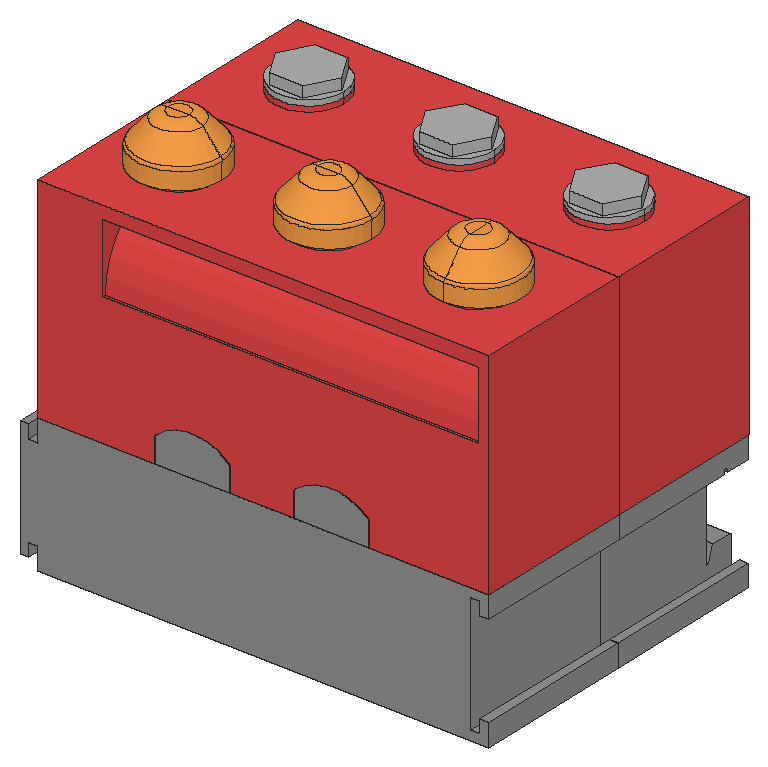
Revit family "56_WTH_C2050 verdeler_e", category Mechanical Equipment, Revit 2012
Parameters (values of type "C2050 verdeler module 3 rechts")
  niet gepiegeld = not(gespiegeld)  # yes
  lv_1 = if(gat2, 122.1 mm, 2 mm)  # 122.1 mm
  l3 = 3.71 mm
  l2 = 23.72 mm
  l1 = 165 mm
  gespiegeld = no
  dop3 = yes
  gat2 = yes
  gat1 = yes
  Type Comments = "GEEN CALCULATIEOBJECT"  # constant formula
  Model = "GEEN CALCULATIEOBJECT"  # constant formula
  Manufacturer = "GEEN CALCULATIEOBJECT"  # constant formula
Types (4, lengths in mm): name | niet gepiegeld | lv_1 | l3 | l2 | l1 | gespiegeld | dop3 | gat2
  C2050 verdeler module 3 rechts | yes | 122.1 | 3.71 | 23.72 | 165 | no | yes | yes
  C2050 verdeler module 3 links | no | 122.1 | 23.7 | 3.7 | 165 | yes | yes | yes
  C2050 verdeler module 2 links | no | 2 | 23.7 | 3.7 | 110 | yes | no | no
  C2050 verdeler module 2 rechts | yes | 2 | 23.7 | 3.7 | 110 | no | no | no
Reference planes
  plane 1 "Center (Front/Back)": y = 0
  plane 2: z = 0
  plane 3 "Center (Left/Right)": x = 0
  plane 4: z = 48.149
  plane 5: z = 73.503
  plane 6: z = -25.1
  plane 7: y = -89.264
  plane 8: x = 165
  plane 9: x = 23.72
  plane 10: x = 161.29
  plane 11 "asp2": x = 82.7
  plane 12 "asp1": x = 27.7
  plane 13 "asp3": x = 137.7
  plane 14: x = 3.25
  plane 15: x = 6.5
  plane 16: z = -3.263
  plane 17: z = -46.9
  plane 18: z = -50.2
  plane 19: x = 168.25
  plane 20: x = 171.5
  plane 21: z = -8.1
  plane 22: z = -42.1
  plane 23: y = -29.68
  plane 24: x = 161.75
  plane 25: x = 158.5
  plane 26: x = -3.25
  plane 27: x = -6.5
  plane 28: x = 42.7
  plane 29: x = 70.3
  plane 30: x = 93.672
  plane 31: x = 121.272
  plane 32 "void voor": y = -122.077
  plane 33 "dop": z = 82.2
Forms (mm)
  Extrusion 1, void, detail levels fine
    sketch origin (165.01, 0, 0) x (0, 1, 0) y (0, 0, -1)
      loop
        line (0, -48.149) -> (-1.018, -48.149)
        arc (-1.018, -48.149) -> (-4.255, -62.542) -> (-14.13, -73.503) r 29.125
        line (-14.13, -73.503) -> (0, -73.503) -> (0, -48.149)
    from 3.72 to 141.29
  Extrusion 2, void, detail levels fine
    sketch origin (165.01, -119, 0) x (0, -1, 0) y (0, 0, 1)
      loop
        line (0, 48.149) -> (0, 73.503) -> (-14.13, 73.503)
        arc (-14.13, 73.503) -> (-4.255, 62.542) -> (-1.018, 48.149) r 29.125
        line (-1.018, 48.149) -> (0, 48.149)
    from 3.72 to 141.29
  Extrusion 3, solid, material "zz_224-000-000"
    sketch origin (165.01, -59.5, 0) x (-1, 0, 0) y (0, 0, -1)
      loop
        line (0.01, -78.2) -> (164.998, -78.2) -> (164.998, 0) -> (122.31, 0) -> (122.31, -8.337)
        arc (122.31, -8.337) -> (122.146, -9.085) -> (121.683, -9.695) r 1.786
        arc (121.683, -9.695) -> (108.51, -14.55) -> (95.337, -9.695) r 20.3
        arc (95.337, -9.695) -> (94.874, -9.085) -> (94.71, -8.337) r 1.786
        line (94.71, -8.337) -> (94.71, 0) -> (0.01, 0) -> (0.01, -78.2)
    from 0 to 59.5
  Extrusion 4, solid, material "zz_224-000-000", visible <- "dop3"
    sketch origin (167.413, -12.932, 98.48) x (-1, 0, 0) y (0, -1, 0)
      loop
        circle (29.713, 76.332) r 13
    from -20.28 to -18.28
  Extrusion 5, solid, material "metaal", visible <- "dop3"
    sketch origin (167.413, -12.932, 100.48) x (-1, 0, 0) y (0, -1, 0)
      loop
        circle (29.713, 76.26) r 13
    from -20.28 to -18.28
  Extrusion 6, solid, material "zz_224-000-000"
    sketch origin (112.55, -12.932, 98.48) x (-1, 0, 0) y (0, -1, 0)
      loop
        circle (29.85, 76.26) r 13
    from -20.28 to -18.28
  Extrusion 7, solid, material "metaal"
    sketch origin (112.55, -12.932, 100.48) x (-1, 0, 0) y (0, -1, 0)
      loop
        circle (29.85, 76.332) r 13
    from -20.28 to -18.28
  Extrusion 8, solid, material "zz_224-000-000", visible <- "dop3"
    sketch origin (167.413, 46.58, 98.48) x (-1, 0, 0) y (0, -1, 0)
      loop
        circle (29.713, 76.26) r 13
    from -20.28 to -18.28
  Extrusion 9, solid, material "metaal", visible <- "dop3"
    sketch origin (167.413, 46.58, 100.48) x (-1, 0, 0) y (0, -1, 0)
      loop
        circle (29.713, 76.26) r 13
    from -20.28 to -18.28
  Extrusion 10, solid, material "zz_224-000-000"
    sketch origin (112.55, 46.58, 98.48) x (-1, 0, 0) y (0, -1, 0)
      loop
        circle (29.85, 76.26) r 13
    from -20.28 to -18.28
  Extrusion 11, solid, material "metaal"
    sketch origin (112.55, 46.58, 100.48) x (-1, 0, 0) y (0, -1, 0)
      loop
        circle (29.85, 76.26) r 13
    from -20.28 to -18.28
  Extrusion 12, solid, material "zz_110-110-110", visible <- "gespiegeld"
    sketch origin (165.01, -59.5, 0) x (-1, 0, 0) y (0, 0, -1)
      loop
        line (-6.49, 46.9) -> (-6.49, 3.263) -> (-3.24, 3.263) -> (-3.24, 8.1) -> (0.01, 8.1) -> (0.01, 0) -> (165.01, 0) -> (165.01, 8.1) -> (161.76, 8.1) -> (161.76, 3.263) -> (158.51, 3.263) -> (158.51, 46.9) -> (161.76, 46.9) -> (161.76, 42.1) -> (165.01, 42.1) -> (165.01, 50.2) -> (0.01, 50.2) -> (0.01, 42.1) -> (-3.24, 42.1) -> (-3.24, 46.9) -> (-6.49, 46.9)
    from 0 to 59.5
  Extrusion 13, solid, material "zz_224-000-000"
    sketch origin (165.01, 0, 0) x (-1, 0, 0) y (0, 0, -1)
      loop
        line (0.01, -78.2) -> (164.998, -78.2) -> (164.998, 0) -> (122.31, 0) -> (122.31, -8.337)
        arc (122.31, -8.337) -> (122.146, -9.085) -> (121.683, -9.695) r 1.786
        arc (121.683, -9.695) -> (108.51, -14.55) -> (95.337, -9.695) r 20.3
        arc (95.337, -9.695) -> (94.874, -9.085) -> (94.71, -8.337) r 1.786
        line (94.71, -8.337) -> (94.71, 0) -> (0.01, 0) -> (0.01, -78.2)
    from 0 to 59.5
  Extrusion 14, void, detail levels fine
    sketch origin (165.01, -119, 0) x (0, -1, 0) y (0, 0, 1)
      loop
        line (-59.5, -12.167) -> (-59.5, -34.502) -> (-51.4, -34.502) -> (-49.703, -40.247) -> (-48.277, -40.247) -> (-48.277, -6.422) -> (-49.865, -6.422) -> (-51.452, -12.167) -> (-59.5, -12.167)
    from -11.768 to 167.425
  Extrusion 15, void, detail levels fine
    sketch origin (165.01, -59.5, 0) x (0, -1, 0) y (0, 0, 1)
      loop
        line (-59.5, -12.167) -> (-59.5, -34.502) -> (-51.4, -34.502) -> (-49.703, -40.247) -> (-48.277, -40.247) -> (-48.277, -6.422) -> (-49.865, -6.422) -> (-51.452, -12.167) -> (-59.5, -12.167)
    from -11.768 to 168.69
  Extrusion 16, solid, material "zz_110-110-110", visible <- "gespiegeld"
    sketch origin (165.01, 0, 0) x (-1, 0, 0) y (0, 0, -1)
      loop
        line (-6.49, 46.9) -> (-6.49, 3.263) -> (-3.24, 3.263) -> (-3.24, 8.1) -> (0.01, 8.1) -> (0.01, 0) -> (165.01, 0) -> (165.01, 8.1) -> (161.76, 8.1) -> (161.76, 3.263) -> (158.51, 3.263) -> (158.51, 46.9) -> (161.76, 46.9) -> (161.76, 42.1) -> (165.01, 42.1) -> (165.01, 50.2) -> (0.01, 50.2) -> (0.01, 42.1) -> (-3.24, 42.1) -> (-3.24, 46.9) -> (-6.49, 46.9)
    from 0 to 59.5
  Extrusion 17, solid, material "zz_224-000-000"
    sketch origin (57.687, -12.932, 98.48) x (-1, 0, 0) y (0, -1, 0)
      loop
        circle (29.987, 76.332) r 13
    from -20.28 to -18.28
  Extrusion 18, solid, material "metaal"
    sketch origin (57.687, -12.932, 100.48) x (-1, 0, 0) y (0, -1, 0)
      loop
        circle (29.987, 76.26) r 13
    from -20.28 to -18.28
  Extrusion 19, solid, material "zz_224-000-000"
    sketch origin (57.687, 46.58, 98.48) x (-1, 0, 0) y (0, -1, 0)
      loop
        circle (29.987, 76.26) r 13
    from -20.28 to -18.28
  Extrusion 20, solid, material "metaal"
    sketch origin (57.687, 46.58, 100.48) x (-1, 0, 0) y (0, -1, 0)
      loop
        circle (29.987, 76.26) r 13
    from -20.28 to -18.28
  Revolve 21, solid, material "zz_250-125-000", detail levels fine
    sketch origin (220.023, -89.264, 0) x (1, 0, 0) y (0, 0, 1)
      loop
        line (-122.105, 87.748) -> (-128.707, 95.303)
        arc (-128.707, 95.303) -> (-130.86, 96.905) -> (-133.483, 97.473) r 6.343
        line (-133.483, 97.473) -> (-137.323, 97.473) -> (-137.323, 80.2) -> (-121.602, 80.2) -> (-121.602, 86.409)
        arc (-121.602, 86.409) -> (-121.732, 87.124) -> (-122.105, 87.748) r 2.034
      axis (-137.323, 97.473) -> (-137.323, 80.2)
    angle from 0 to 360
  Revolve 22, solid, material "zz_250-125-000", detail levels fine
    sketch origin (274.882, -89.264, 0) x (1, 0, 0) y (0, 0, 1)
      loop
        line (-231.824, 87.748) -> (-238.426, 95.303)
        arc (-238.426, 95.303) -> (-240.58, 96.905) -> (-243.203, 97.473) r 6.343
        line (-243.203, 97.473) -> (-247.182, 97.473) -> (-247.182, 80.2) -> (-231.322, 80.2) -> (-231.322, 86.409)
        arc (-231.322, 86.409) -> (-231.452, 87.124) -> (-231.824, 87.748) r 2.034
      axis (-247.182, 97.473) -> (-247.182, 80.2)
    angle from 0 to 360
  Extrusion 23, solid, material "zz_110-110-110", visible <- "niet gepiegeld"
    sketch origin (165.01, -59.5, 0) x (-1, 0, 0) y (0, 0, -1)
      loop
        line (6.51, 46.9) -> (6.51, 3.263) -> (3.26, 3.263) -> (3.26, 8.1) -> (0.01, 8.1) -> (0.01, 0) -> (164.998, 0) -> (164.998, 8.059) -> (168.26, 8.059) -> (168.26, 3.263) -> (171.51, 3.263) -> (171.51, 46.9) -> (168.26, 46.9) -> (168.26, 42.1) -> (165.01, 42.1) -> (165.01, 50.2) -> (0.01, 50.2) -> (0.01, 42.1) -> (3.26, 42.1) -> (3.26, 46.9) -> (6.51, 46.9)
    from 0 to 59.5
  Extrusion 24, solid, material "zz_110-110-110", visible <- "gat2"
    sketch origin (165.01, -59.5, 0) x (-1, 0, 0) y (0, 0, -1)
      loop
        line (43.738, 0) -> (43.738, -8.337)
        arc (43.738, -8.337) -> (43.902, -9.085) -> (44.365, -9.695) r 1.786
        arc (44.365, -9.695) -> (57.538, -14.55) -> (70.711, -9.695) r 20.3
        arc (70.711, -9.695) -> (71.174, -9.085) -> (71.338, -8.337) r 1.786
        line (71.338, -8.337) -> (71.338, 0) -> (43.738, 0)
    from -59.5 to 59.5
  Extrusion 25, solid, material "zz_110-110-110"
    sketch origin (165.01, -59.5, 0) x (-1, 0, 0) y (0, 0, -1)
      loop
        line (94.71, 0) -> (94.71, -8.337)
        arc (94.71, -8.337) -> (94.874, -9.085) -> (95.337, -9.695) r 1.786
        arc (95.337, -9.695) -> (108.51, -14.55) -> (121.683, -9.695) r 20.3
        arc (121.683, -9.695) -> (122.146, -9.085) -> (122.31, -8.337) r 1.786
        line (122.31, -8.337) -> (122.31, 0) -> (94.71, 0)
    from -59.5 to 59.5
  Extrusion 26, void
    sketch origin (0, -122.077, 0) x (1, 0, 0) y (0, 0, -1)
      loop
        line (121.272, 0) -> (93.672, 0) -> (93.672, -8.337)
        arc (93.672, -8.337) -> (93.836, -9.085) -> (94.299, -9.695) r 1.786
        arc (94.299, -9.695) -> (107.472, -14.55) -> (120.645, -9.695) r 20.3
        arc (120.645, -9.695) -> (121.108, -9.085) -> (121.272, -8.337) r 1.786
        line (121.272, -8.337) -> (121.272, 0)
    from 0 to 122.1 <- "lv_1"
  Extrusion 27, solid, material "zz_110-110-110", visible <- "niet gepiegeld"
    sketch origin (165.01, 0, 0) x (-1, 0, 0) y (0, 0, -1)
      loop
        line (6.51, 46.9) -> (6.51, 3.263) -> (3.26, 3.263) -> (3.26, 8.1) -> (0.01, 8.1) -> (0.01, 0) -> (165.01, 0) -> (165.01, 8.1) -> (168.26, 8.1) -> (168.26, 3.263) -> (171.51, 3.263) -> (171.51, 46.9) -> (168.26, 46.9) -> (168.26, 42.1) -> (165.01, 42.1) -> (165.01, 50.2) -> (0.01, 50.2) -> (0.01, 42.1) -> (3.26, 42.1) -> (3.26, 46.9) -> (6.51, 46.9)
    from 0 to 59.5
  Extrusion 28, solid, material "metaal", detail levels fine
    sketch origin (0, 0, 82.2) x (0, -1, 0) y (1, 0, 0)
      loop
        line (29.68, 39.7) -> (19.288, 33.7) -> (19.288, 21.7) -> (29.68, 15.7) -> (40.072, 21.7) -> (40.072, 33.7) -> (29.68, 39.7)
      loop
        line (29.68, 94.7) -> (19.288, 88.7) -> (19.288, 76.7) -> (29.68, 70.7) -> (40.072, 76.7) -> (40.072, 88.7) -> (29.68, 94.7)
      loop
        line (89.264, 39.7) -> (78.872, 33.7) -> (78.872, 21.7) -> (89.264, 15.7) -> (99.656, 21.7) -> (99.656, 33.7) -> (89.264, 39.7)
      loop
        line (89.264, 94.7) -> (78.872, 88.7) -> (78.872, 76.7) -> (89.264, 70.7) -> (99.656, 76.7) -> (99.656, 88.7) -> (89.264, 94.7)
    from 0 to 4
  Extrusion 29, solid, material "metaal", visible <- "dop3", detail levels fine
    sketch origin (0, 0, 82.2) x (0, -1, 0) y (1, 0, 0)
      loop
        line (29.68, 149.7) -> (19.288, 143.7) -> (19.288, 131.7) -> (29.68, 125.7) -> (40.072, 131.7) -> (40.072, 143.7) -> (29.68, 149.7)
      loop
        line (89.264, 149.7) -> (78.872, 143.7) -> (78.872, 131.7) -> (89.264, 125.7) -> (99.656, 131.7) -> (99.656, 143.7) -> (89.264, 149.7)
    from 0 to 4
  Revolve 30, solid, material "zz_250-125-000", visible <- "dop3", detail levels fine
    sketch origin (137.7, 0, 0) x (0, 0, 1) y (0, -1, 0)
      loop
        line (87.748, 73.906) -> (95.303, 80.508)
        arc (95.303, 80.508) -> (96.905, 82.661) -> (97.473, 85.284) r 6.343
        line (97.473, 85.284) -> (97.473, 89.264) -> (80.2, 89.264) -> (80.2, 73.404) -> (86.409, 73.404)
        arc (86.409, 73.404) -> (87.124, 73.533) -> (87.748, 73.906) r 2.034
      axis (97.473, 89.264) -> (80.2, 89.264)
    angle from 0 to 360
Cuts and joins
  Extrusion 1, Extrusion 26 cuts Extrusion 13
  Extrusion 2, Extrusion 26 cuts Extrusion 3
  Extrusion 14 cuts Extrusion 12
  Extrusion 14, Extrusion 15 cuts Extrusion 16
  Extrusion 15 cuts Extrusion 27
Dimensions and locks
  "l1": plane 8 to plane 3 "Center (Left/Right)"
  "l2": plane 9 to plane 3 "Center (Left/Right)"
  "l3": plane 8 to plane 10
  locked: level to plane 16 at 3.263
  equal spacing: level, plane 6, plane 18
  level to plane 18 = 50.2 mm
  locked: plane 17 to plane 18 at 3.3
  locked: plane 14 to plane 3 "Center (Left/Right)" at 3.25
  locked: plane 15 to plane 14 at 3.25
  locked: plane 19 to plane 8 at 3.25
  locked: plane 20 to plane 19 at 3.25
  locked: level to plane 21 at 8.1
  locked: plane 22 to plane 18 at 8.1
  locked: plane 25 to plane 24 at 3.25
  locked: plane 8 to plane 24 at 3.25
  locked: plane 27 to plane 26 at 3.25
  locked: plane 26 to plane 3 "Center (Left/Right)" at 3.25
  plane 28 to plane 3 "Center (Left/Right)" = 42.7 mm
  locked: plane 29 to plane 28 at 27.6
  locked: plane 30 to plane 29 at 23.372
  locked: plane 31 to plane 30 at 27.6
  aligned and locked: level to plane 2
  aligned and locked: Extrusion 3 sketch curve to plane 8
  aligned and locked: Extrusion 1 to plane 9
  aligned and locked: cut or joined group of Extrusion 2, Extrusion 3, Extrusion 26 to plane 9
  aligned and locked: plane 10 to cut or joined group of Extrusion 1, Extrusion 13, Extrusion 26
  aligned and locked: plane 10 to cut or joined group of Extrusion 2, Extrusion 3, Extrusion 26
  aligned and locked: Revolve 22 sketch curve to plane 12 "asp1"  (x2)
  aligned and locked: Revolve 21 sketch curve to plane 11 "asp2"  (x2)
  aligned and locked: plane 13 "asp3" to Extrusion 8 sketch curve
  aligned and locked: plane 13 "asp3" to Extrusion 9 sketch curve
  aligned and locked: plane 13 "asp3" to Extrusion 5 sketch curve
  aligned and locked: plane 12 "asp1" to Extrusion 18 sketch curve
  aligned and locked: plane 12 "asp1" to Extrusion 20 sketch curve
  aligned and locked: plane 13 "asp3" to Extrusion 4 sketch curve
  aligned and locked: plane 7 to Extrusion 4 sketch curve
  aligned and locked: plane 11 "asp2" to Extrusion 7 sketch curve
  aligned and locked: plane 7 to Extrusion 7 sketch curve
  aligned and locked: plane 12 "asp1" to Extrusion 19 sketch curve
  aligned and locked: plane 11 "asp2" to Extrusion 11 sketch curve
  aligned and locked: plane 11 "asp2" to Extrusion 10 sketch curve
  aligned and locked: plane 11 "asp2" to Extrusion 6 sketch curve
  aligned and locked: plane 12 "asp1" to Extrusion 17 sketch curve
  aligned and locked: plane 7 to Extrusion 17 sketch curve
  aligned and locked: plane 14 to cut or joined group of Extrusion 12, Extrusion 14
  aligned and locked: Extrusion 12 sketch curve to plane 14  (x2)
  aligned and locked: Extrusion 12 sketch curve to plane 16  (x2)
  aligned and locked: plane 15 to Extrusion 12 sketch curve
  aligned and locked: Extrusion 12 sketch curve to plane 21
  aligned and locked: plane 28 to Extrusion 3 sketch curve
  aligned and locked: Extrusion 3 sketch curve to plane 29
  aligned and locked: Extrusion 13 sketch curve to plane 28
  aligned and locked: plane 29 to Extrusion 13 sketch curve
  aligned and locked: plane 26 to Extrusion 23 sketch curve  (x2)
  aligned and locked: Extrusion 23 sketch curve to plane 27
  aligned and locked: plane 22 to Extrusion 23 sketch curve
  aligned and locked: Extrusion 23 sketch curve to plane 25
  aligned and locked: plane 24 to Extrusion 23 sketch curve  (x2)
  aligned and locked: plane 20 to Extrusion 12 sketch curve
  aligned and locked: Extrusion 12 sketch curve to plane 19  (x2)
  aligned and locked: plane 8 to Extrusion 12 sketch curve
  aligned and locked: Extrusion 12 sketch curve to plane 8
  aligned and locked: Extrusion 25 to plane 1 "Center (Front/Back)"
  aligned and locked: Extrusion 24 to plane 1 "Center (Front/Back)"
  aligned and locked: plane 16 to Extrusion 16 sketch curve  (x2)
  aligned and locked: plane 21 to Extrusion 16 sketch curve  (x2)
  aligned and locked: Extrusion 16 sketch curve to plane 20
  aligned and locked: Extrusion 16 sketch curve to plane 17  (x2)
  aligned and locked: plane 22 to Extrusion 16 sketch curve  (x2)
  aligned and locked: Extrusion 16 sketch curve to plane 8
  aligned and locked: plane 8 to Extrusion 16 sketch curve
  aligned and locked: plane 19 to Extrusion 16 sketch curve  (x2)
  aligned and locked: Extrusion 16 sketch curve to plane 3 "Center (Left/Right)"  (x2)
  aligned and locked: plane 18 to Extrusion 16 sketch curve
  aligned and locked: Extrusion 16 sketch curve to plane 15
  aligned and locked: plane 14 to Extrusion 16 sketch curve  (x2)
  aligned and locked: Extrusion 12 sketch curve to plane 3 "Center (Left/Right)"  (x2)
  aligned and locked: plane 21 to Extrusion 12 sketch curve
  aligned and locked: Extrusion 13 sketch curve to plane 8
  aligned and locked: plane 27 to Extrusion 27 sketch curve
  aligned and locked: Extrusion 27 sketch curve to plane 26  (x2)
  aligned and locked: plane 25 to Extrusion 27 sketch curve
  aligned and locked: Extrusion 27 sketch curve to plane 24  (x2)
  aligned and locked: Revolve 30 sketch curve to plane 7
  aligned and locked: Extrusion 12 sketch curve to plane 22  (x2)
  aligned and locked: plane 17 to Extrusion 12 sketch curve  (x2)
Automatic sketch dimensions
  plane 5 to Extrusion 1 sketch curve = 0 mm
  plane 4 to Extrusion 1 sketch curve = 0 mm
  Extrusion 1 sketch curve to plane 1 "Center (Front/Back)" = 0 mm
  Extrusion 1 sketch curve to Extrusion 1 sketch curve = 1.018 mm
  Extrusion 1 sketch curve to Extrusion 1 sketch curve = 14.13 mm
  Extrusion 1 sketch curve to plane 23 = 0.445 mm
  plane 5 to Extrusion 2 sketch curve = 0 mm
  plane 4 to Extrusion 2 sketch curve = 0 mm
  plane 7 to Extrusion 2 sketch curve = 0.389 mm
  Extrusion 2 sketch curve to plane 7 = 15.606 mm
  plane 32 "void voor" to Extrusion 2 sketch curve = 4.095 mm
  plane 32 "void voor" to Extrusion 2 sketch curve = 3.077 mm
  Extrusion 3 sketch curve to level = 0 mm  (x2)
  Extrusion 3 sketch curve to plane 29 = 0.627 mm
  Extrusion 3 sketch curve to Extrusion 3 sketch curve = 0 mm
  Extrusion 3 sketch curve to Extrusion 3 sketch curve = 1.786 mm
  Extrusion 3 sketch curve to plane 21 = 2.35 mm
  plane 28 to Extrusion 3 sketch curve = 13.8 mm
  plane 28 to Extrusion 3 sketch curve = 1.786 mm
  plane 28 to Extrusion 3 sketch curve = 0.627 mm
  plane 3 "Center (Left/Right)" to Extrusion 3 sketch curve = 0.012 mm
  Extrusion 3 sketch curve to plane 5 = 4.697 mm
  plane 7 to Extrusion 5 sketch curve = 0.073 mm
  plane 7 to Extrusion 6 sketch curve = 0.073 mm
  Extrusion 8 sketch curve to plane 23 = 0 mm
  Extrusion 9 sketch curve to plane 23 = 0 mm
  Extrusion 10 sketch curve to plane 23 = 0 mm
  Extrusion 11 sketch curve to plane 23 = 0 mm
  Extrusion 12 sketch curve to level = 0 mm
  plane 18 to Extrusion 12 sketch curve = 0 mm
  Extrusion 13 sketch curve to level = 0 mm  (x2)
  Extrusion 13 sketch curve to plane 29 = 0.627 mm
  Extrusion 13 sketch curve to Extrusion 13 sketch curve = 0 mm
  Extrusion 13 sketch curve to Extrusion 13 sketch curve = 1.159 mm
  Extrusion 13 sketch curve to plane 21 = 2.35 mm
  plane 28 to Extrusion 13 sketch curve = 13.8 mm
  plane 28 to Extrusion 13 sketch curve = 1.786 mm
  plane 28 to Extrusion 13 sketch curve = 0.627 mm
  plane 3 "Center (Left/Right)" to Extrusion 13 sketch curve = 0.012 mm
  Extrusion 13 sketch curve to plane 5 = 4.697 mm
  plane 21 to Extrusion 14 sketch curve = 4.067 mm
  plane 7 to Extrusion 14 sketch curve = 29.764 mm
  Extrusion 14 sketch curve to Extrusion 14 sketch curve = 8.048 mm
  plane 22 to Extrusion 14 sketch curve = 7.598 mm
  Extrusion 14 sketch curve to Extrusion 14 sketch curve = 8.1 mm
  Extrusion 14 sketch curve to plane 21 = 1.678 mm
  Extrusion 14 sketch curve to Extrusion 14 sketch curve = 1.588 mm
  plane 22 to Extrusion 14 sketch curve = 1.853 mm
  Extrusion 14 sketch curve to Extrusion 14 sketch curve = 1.697 mm
  Extrusion 14 sketch curve to Extrusion 14 sketch curve = 1.426 mm
  Extrusion 15 sketch curve to plane 1 "Center (Front/Back)" = 0 mm
  plane 1 "Center (Front/Back)" to Extrusion 15 sketch curve = 8.048 mm
  plane 1 "Center (Front/Back)" to Extrusion 15 sketch curve = 8.1 mm
  Extrusion 15 sketch curve to plane 21 = 1.678 mm
  Extrusion 15 sketch curve to Extrusion 15 sketch curve = 1.588 mm
  plane 22 to Extrusion 15 sketch curve = 1.853 mm
  Extrusion 15 sketch curve to Extrusion 15 sketch curve = 1.697 mm
  Extrusion 15 sketch curve to Extrusion 15 sketch curve = 1.426 mm
  Extrusion 15 sketch curve to Extrusion 15 sketch curve = 5.746 mm
  plane 21 to Extrusion 15 sketch curve = 4.067 mm
  Extrusion 16 sketch curve to level = 0 mm
  plane 7 to Extrusion 18 sketch curve = 0.073 mm
  Extrusion 19 sketch curve to plane 23 = 0 mm
  Extrusion 20 sketch curve to plane 23 = 0 mm
  Revolve 21 sketch curve to Revolve 21 sketch curve = 3.839 mm
  plane 30 to Revolve 21 sketch curve = 2.356 mm
  Revolve 21 sketch curve to plane 30 = 2.714 mm
  Revolve 21 sketch curve to Revolve 21 sketch curve = 1.532 mm
  Revolve 21 sketch curve to Revolve 21 sketch curve = 0.502 mm
  plane 5 to Revolve 21 sketch curve = 3.016 mm
  Revolve 21 sketch curve to Revolve 21 sketch curve = 3.681 mm
  Revolve 21 sketch curve to Revolve 21 sketch curve = 6.209 mm
  Revolve 21 sketch curve to Revolve 21 sketch curve = 4.721 mm
  Revolve 21 sketch curve to Revolve 21 sketch curve = 4.173 mm
  Revolve 21 sketch curve to Revolve 21 sketch curve = 0 mm
  Revolve 22 sketch curve to Revolve 22 sketch curve = 3.98 mm
  Revolve 22 sketch curve to Revolve 22 sketch curve = 4.776 mm
  plane 28 to Revolve 22 sketch curve = 1.174 mm
  Revolve 22 sketch curve to plane 28 = 0.358 mm
  Revolve 22 sketch curve to plane 28 = 0.861 mm
  plane 5 to Revolve 22 sketch curve = 3.016 mm
  Revolve 22 sketch curve to Revolve 22 sketch curve = 3.681 mm
  Revolve 22 sketch curve to Revolve 22 sketch curve = 6.209 mm
  Revolve 22 sketch curve to Revolve 22 sketch curve = 4.721 mm
  Revolve 22 sketch curve to Revolve 22 sketch curve = 4.173 mm
  Revolve 22 sketch curve to Revolve 22 sketch curve = 0 mm
  Extrusion 23 sketch curve to plane 8 = 0 mm  (x2)
  Extrusion 23 sketch curve to level = 0 mm
  Extrusion 23 sketch curve to plane 18 = 0 mm
  Extrusion 23 sketch curve to plane 16 = 0 mm  (x2)
  Extrusion 23 sketch curve to plane 21 = 0 mm
  Extrusion 23 sketch curve to plane 22 = 0 mm
  Extrusion 23 sketch curve to plane 17 = 0 mm  (x2)
  plane 3 "Center (Left/Right)" to Extrusion 23 sketch curve = 0.012 mm
  plane 3 "Center (Left/Right)" to Extrusion 23 sketch curve = 0 mm  (x2)
  Extrusion 23 sketch curve to plane 21 = 0.041 mm
  Extrusion 24 sketch curve to plane 31 = 0 mm
  Extrusion 24 sketch curve to plane 30 = 0 mm
  Extrusion 24 sketch curve to level = 0 mm
  Extrusion 24 sketch curve to plane 31 = 0.627 mm
  Extrusion 24 sketch curve to Extrusion 24 sketch curve = 0 mm
  Extrusion 24 sketch curve to Extrusion 24 sketch curve = 1.159 mm
  Extrusion 24 sketch curve to plane 21 = 2.35 mm
  plane 30 to Extrusion 24 sketch curve = 13.8 mm
  plane 30 to Extrusion 24 sketch curve = 1.786 mm
  plane 30 to Extrusion 24 sketch curve = 0.627 mm
  Extrusion 25 sketch curve to plane 29 = 0 mm
  Extrusion 25 sketch curve to level = 0 mm
  Extrusion 25 sketch curve to plane 28 = 0 mm
  Extrusion 25 sketch curve to plane 29 = 0.627 mm
  Extrusion 25 sketch curve to Extrusion 25 sketch curve = 0 mm
  Extrusion 25 sketch curve to Extrusion 25 sketch curve = 1.159 mm
  Extrusion 25 sketch curve to plane 21 = 2.35 mm
  plane 28 to Extrusion 25 sketch curve = 13.8 mm
  Extrusion 25 sketch curve to Extrusion 25 sketch curve = 1.786 mm
  plane 28 to Extrusion 25 sketch curve = 0.627 mm
  Extrusion 26 sketch curve to level = 0 mm
  Extrusion 26 sketch curve to plane 30 = 0 mm
  Extrusion 26 sketch curve to plane 31 = 0 mm
  Extrusion 26 sketch curve to plane 30 = 0.627 mm
  Extrusion 26 sketch curve to Extrusion 26 sketch curve = 0 mm
  Extrusion 26 sketch curve to Extrusion 26 sketch curve = 1.159 mm
  plane 21 to Extrusion 26 sketch curve = 2.35 mm
  Extrusion 26 sketch curve to plane 30 = 13.8 mm
  Extrusion 26 sketch curve to Extrusion 26 sketch curve = 1.786 mm
  plane 31 to Extrusion 26 sketch curve = 0.627 mm
  Extrusion 27 sketch curve to plane 17 = 0 mm  (x2)
  Extrusion 27 sketch curve to plane 8 = 0 mm  (x2)
  Extrusion 27 sketch curve to plane 3 "Center (Left/Right)" = 0 mm  (x2)
  Extrusion 27 sketch curve to level = 0 mm
  Extrusion 27 sketch curve to plane 16 = 0 mm  (x2)
  Extrusion 27 sketch curve to plane 21 = 0 mm  (x2)
  Extrusion 27 sketch curve to plane 22 = 0 mm  (x2)
  Extrusion 27 sketch curve to plane 18 = 0 mm
  Revolve 30 sketch curve to plane 5 = 2.242 mm
  Revolve 30 sketch curve to Revolve 30 sketch curve = 1.339 mm
  Revolve 30 sketch curve to Revolve 30 sketch curve = 14.452 mm
  Revolve 30 sketch curve to Revolve 30 sketch curve = 4.721 mm
  Revolve 30 sketch curve to Revolve 30 sketch curve = 4.173 mm
  Revolve 30 sketch curve to Revolve 30 sketch curve = 2.169 mm
  Revolve 30 sketch curve to Revolve 30 sketch curve = 0.502 mm
  Revolve 30 sketch curve to Revolve 30 sketch curve = 6.602 mm
  plane 32 "void voor" to Revolve 30 sketch curve = 32.813 mm
  plane 33 "dop" to Revolve 30 sketch curve = 2 mm
  Revolve 30 sketch curve to Revolve 30 sketch curve = 6.209 mm
  plane 7 to Revolve 30 sketch curve = 15.861 mm
  radius of Extrusion 4 sketch curve = 13 mm
  radius of Extrusion 5 sketch curve = 13 mm
  radius of Extrusion 6 sketch curve = 13 mm
  radius of Extrusion 7 sketch curve = 13 mm
  radius of Extrusion 8 sketch curve = 13 mm
  radius of Extrusion 9 sketch curve = 13 mm
  radius of Extrusion 10 sketch curve = 13 mm
  radius of Extrusion 11 sketch curve = 13 mm
  radius of Extrusion 17 sketch curve = 13 mm
  radius of Extrusion 18 sketch curve = 13 mm
  radius of Extrusion 19 sketch curve = 13 mm
  radius of Extrusion 20 sketch curve = 13 mm
Types in the file's own list only (28): name | x | type verdeler | lod_niveau | leverancier | datasheet | content_modified_date | content_creation_date | bestelnummer | artikelnummer | afstand_x_cvr | afstand_x_cva | aantal | URL | Model | Manufacturer | Description | content_version | Content Creator
  C2050 14 groepen rechts | 55 mm | 56_WTH_C2050 verdeler_geometrie : C2050 14 groepen rechts | "LOD 400" | "WTH Vloerverwarming B.V." | "http://www.wth.nl/CmsData/Producten/C2050/Productblad%20C2050.pdf" | "08-08-2013" | "01-01-2013" | "B934" | "B934" | 902 mm | 902 mm | 14 | "http://www.wth.nl/Items/nl-NL/Producten/assortiment/C-2050" | "14 groepen rechts" | "WTH Vloerverwarming B.V." | "C2050 Kunststof verdeler" | "1.0" | "www.cadac.com/aec"
  C2050 14 groepen links | 55 mm | 56_WTH_C2050 verdeler_geometrie : C2050 14 groepen links | "LOD 400" | "WTH Vloerverwarming B.V." | "http://www.wth.nl/CmsData/Producten/C2050/Productblad%20C2050.pdf" | "08-08-2013" | "01-01-2013" | "B934" | "B934" | -132 mm | -132 mm | 14 | "http://www.wth.nl/Items/nl-NL/Producten/assortiment/C-2050" | "14 groepen links" | "WTH Vloerverwarming B.V." | "C2050 Kunststof verdeler" | "1.0" | "www.cadac.com/aec"
  C2050 15 groepen links | 55 mm | 56_WTH_C2050 verdeler_geometrie : C2050 15 groepen links | "LOD 400" | "WTH Vloerverwarming B.V." | "http://www.wth.nl/CmsData/Producten/C2050/Productblad%20C2050.pdf" | "08-08-2013" | "01-01-2013" | "B935" | "B935" | -132 mm | -132 mm | 15 | "http://www.wth.nl/Items/nl-NL/Producten/assortiment/C-2050" | "15 groepen links" | "WTH Vloerverwarming B.V." | "C2050 Kunststof verdeler" | "1.0" | "www.cadac.com/aec"
  C2050 15 groepen rechts | 55 mm | 56_WTH_C2050 verdeler_geometrie : C2050 15 groepen rechts | "LOD 400" | "WTH Vloerverwarming B.V." | "http://www.wth.nl/CmsData/Producten/C2050/Productblad%20C2050.pdf" | "08-08-2013" | "01-01-2013" | "B935" | "B935" | 957 mm | 957 mm | 15 | "http://www.wth.nl/Items/nl-NL/Producten/assortiment/C-2050" | "15 groepen rechts" | "WTH Vloerverwarming B.V." | "C2050 Kunststof verdeler" | "1.0" | "www.cadac.com/aec"
  C2050 13 groepen links | 55 mm | 56_WTH_C2050 verdeler_geometrie : C2050 13 groepen links | "LOD 400" | "WTH Vloerverwarming B.V." | "http://www.wth.nl/CmsData/Producten/C2050/Productblad%20C2050.pdf" | "08-08-2013" | "01-01-2013" | "B933" | "B933" | -132 mm | -132 mm | 13 | "http://www.wth.nl/Items/nl-NL/Producten/assortiment/C-2050" | "13 groepen links" | "WTH Vloerverwarming B.V." | "C2050 Kunststof verdeler" | "1.0" | "www.cadac.com/aec"
  C2050 13 groepen rechts | 55 mm | 56_WTH_C2050 verdeler_geometrie : C2050 13 groepen rechts | "LOD 400" | "WTH Vloerverwarming B.V." | "http://www.wth.nl/CmsData/Producten/C2050/Productblad%20C2050.pdf" | "08-08-2013" | "01-01-2013" | "B933" | "B933" | 847 mm | 847 mm | 13 | "http://www.wth.nl/Items/nl-NL/Producten/assortiment/C-2050" | "13 groepen rechts" | "WTH Vloerverwarming B.V." | "C2050 Kunststof verdeler" | "1.0" | "www.cadac.com/aec"
  C2050 12 groepen links | 55 mm | 56_WTH_C2050 verdeler_geometrie : C2050 12 groepen links | "LOD 400" | "WTH Vloerverwarming B.V." | "http://www.wth.nl/CmsData/Producten/C2050/Productblad%20C2050.pdf" | "08-08-2013" | "01-01-2013" | "B932" | "B932" | -132 mm | -132 mm | 12 | "http://www.wth.nl/Items/nl-NL/Producten/assortiment/C-2050" | "12 groepen links" | "WTH Vloerverwarming B.V." | "C2050 Kunststof verdeler" | "1.0" | "www.cadac.com/aec"
  C2050 12 groepen rechts | 55 mm | 56_WTH_C2050 verdeler_geometrie : C2050 12 groepen rechts | "LOD 400" | "WTH Vloerverwarming B.V." | "http://www.wth.nl/CmsData/Producten/C2050/Productblad%20C2050.pdf" | "08-08-2013" | "01-01-2013" | "B932" | "B932" | 792 mm | 792 mm | 12 | "http://www.wth.nl/Items/nl-NL/Producten/assortiment/C-2050" | "12 groepen rechts" | "WTH Vloerverwarming B.V." | "C2050 Kunststof verdeler" | "1.0" | "www.cadac.com/aec"
  C2050 11 groepen links | 55 mm | 56_WTH_C2050 verdeler_geometrie : C2050 11 groepen links | "LOD 400" | "WTH Vloerverwarming B.V." | "http://www.wth.nl/CmsData/Producten/C2050/Productblad%20C2050.pdf" | "08-08-2013" | "01-01-2013" | "B931" | "B931" | -132 mm | -132 mm | 11 | "http://www.wth.nl/Items/nl-NL/Producten/assortiment/C-2050" | "11 groepen links" | "WTH Vloerverwarming B.V." | "C2050 Kunststof verdeler" | "1.0" | "www.cadac.com/aec"
  C2050 11 groepen rechts | 55 mm | 56_WTH_C2050 verdeler_geometrie : C2050 11 groepen rechts | "LOD 400" | "WTH Vloerverwarming B.V." | "http://www.wth.nl/CmsData/Producten/C2050/Productblad%20C2050.pdf" | "08-08-2013" | "01-01-2013" | "B931" | "B931" | 737 mm | 737 mm | 11 | "http://www.wth.nl/Items/nl-NL/Producten/assortiment/C-2050" | "11 groepen rechts" | "WTH Vloerverwarming B.V." | "C2050 Kunststof verdeler" | "1.0" | "www.cadac.com/aec"
  C2050 10 groepen links | 55 mm | 56_WTH_C2050 verdeler_geometrie : C2050 10 groepen links | "LOD 400" | "WTH Vloerverwarming B.V." | "http://www.wth.nl/CmsData/Producten/C2050/Productblad%20C2050.pdf" | "08-08-2013" | "01-01-2013" | "B930" | "B930" | -132 mm | -132 mm | 10 | "http://www.wth.nl/Items/nl-NL/Producten/assortiment/C-2050" | "10 groepen links" | "WTH Vloerverwarming B.V." | "C2050 Kunststof verdeler" | "1.0" | "www.cadac.com/aec"
  C2050 9 groepen links | 55 mm | 56_WTH_C2050 verdeler_geometrie : C2050 9 groepen links | "LOD 400" | "WTH Vloerverwarming B.V." | "http://www.wth.nl/CmsData/Producten/C2050/Productblad%20C2050.pdf" | "08-08-2013" | "01-01-2013" | "B929" | "B929" | -132 mm | -132 mm | 9 | "http://www.wth.nl/Items/nl-NL/Producten/assortiment/C-2050" | "9 groepen links" | "WTH Vloerverwarming B.V." | "C2050 Kunststof verdeler" | "1.0" | "www.cadac.com/aec"
  C2050 8 groepen links | 55 mm | 56_WTH_C2050 verdeler_geometrie : C2050 8 groepen links | "LOD 400" | "WTH Vloerverwarming B.V." | "http://www.wth.nl/CmsData/Producten/C2050/Productblad%20C2050.pdf" | "08-08-2013" | "01-01-2013" | "B928" | "B928" | -132 mm | -132 mm | 8 | "http://www.wth.nl/Items/nl-NL/Producten/assortiment/C-2050" | "8 groepen links" | "WTH Vloerverwarming B.V." | "C2050 Kunststof verdeler" | "1.0" | "www.cadac.com/aec"
  C2050 7 groepen links | 55 mm | 56_WTH_C2050 verdeler_geometrie : C2050 7 groepen links | "LOD 400" | "WTH Vloerverwarming B.V." | "http://www.wth.nl/CmsData/Producten/C2050/Productblad%20C2050.pdf" | "08-08-2013" | "01-01-2013" | "B927" | "B927" | -132 mm | -132 mm | 7 | "http://www.wth.nl/Items/nl-NL/Producten/assortiment/C-2050" | "7 groepen links" | "WTH Vloerverwarming B.V." | "C2050 Kunststof verdeler" | "1.0" | "www.cadac.com/aec"
  C2050 6 groepen links | 55 mm | 56_WTH_C2050 verdeler_geometrie : C2050 6 groepen links | "LOD 400" | "WTH Vloerverwarming B.V." | "http://www.wth.nl/CmsData/Producten/C2050/Productblad%20C2050.pdf" | "08-08-2013" | "01-01-2013" | "B926" | "B926" | -132 mm | -132 mm | 6 | "http://www.wth.nl/Items/nl-NL/Producten/assortiment/C-2050" | "6 groepen links" | "WTH Vloerverwarming B.V." | "C2050 Kunststof verdeler" | "1.0" | "www.cadac.com/aec"
  C2050 5 groepen links | 55 mm | 56_WTH_C2050 verdeler_geometrie : C2050 5 groepen links | "LOD 400" | "WTH Vloerverwarming B.V." | "http://www.wth.nl/CmsData/Producten/C2050/Productblad%20C2050.pdf" | "08-08-2013" | "01-01-2013" | "B925" | "B925" | -132 mm | -132 mm | 5 | "http://www.wth.nl/Items/nl-NL/Producten/assortiment/C-2050" | "5 groepen links" | "WTH Vloerverwarming B.V." | "C2050 Kunststof verdeler" | "1.0" | "www.cadac.com/aec"
  C2050 4 groepen links | 55 mm | 56_WTH_C2050 verdeler_geometrie : C2050 4 groepen links | "LOD 400" | "WTH Vloerverwarming B.V." | "http://www.wth.nl/CmsData/Producten/C2050/Productblad%20C2050.pdf" | "08-08-2013" | "01-01-2013" | "B924" | "B924" | -132 mm | -132 mm | 4 | "http://www.wth.nl/Items/nl-NL/Producten/assortiment/C-2050" | "4 groepen links" | "WTH Vloerverwarming B.V." | "C2050 Kunststof verdeler" | "1.0" | "www.cadac.com/aec"
  C2050 3 groepen links | 55 mm | 56_WTH_C2050 verdeler_geometrie : C2050 3 groepen links | "LOD 400" | "WTH Vloerverwarming B.V." | "http://www.wth.nl/CmsData/Producten/C2050/Productblad%20C2050.pdf" | "08-08-2013" | "01-01-2013" | "B923" | "B923" | -132 mm | -132 mm | 3 | "http://www.wth.nl/Items/nl-NL/Producten/assortiment/C-2050" | "3 groepen links" | "WTH Vloerverwarming B.V." | "C2050 Kunststof verdeler" | "1.0" | "www.cadac.com/aec"
  C2050 2 groepen links | 55 mm | 56_WTH_C2050 verdeler_geometrie : C2050 2 groepen links | "LOD 400" | "WTH Vloerverwarming B.V." | "http://www.wth.nl/CmsData/Producten/C2050/Productblad%20C2050.pdf" | "08-08-2013" | "01-01-2013" | "B922" | "B922" | -132 mm | -132 mm | 2 | "http://www.wth.nl/Items/nl-NL/Producten/assortiment/C-2050" | "2 groepen links" | "WTH Vloerverwarming B.V." | "C2050 Kunststof verdeler" | "1.0" | "www.cadac.com/aec"
  C2050 10 groepen rechts | 55 mm | 56_WTH_C2050 verdeler_geometrie : C2050 10 groepen rechts | "LOD 400" | "WTH Vloerverwarming B.V." | "http://www.wth.nl/CmsData/Producten/C2050/Productblad%20C2050.pdf" | "08-08-2013" | "01-01-2013" | "B930" | "B930" | 682 mm | 682 mm | 10 | "http://www.wth.nl/Items/nl-NL/Producten/assortiment/C-2050" | "10 groepen rechts" | "WTH Vloerverwarming B.V." | "C2050 Kunststof verdeler" | "1.0" | "www.cadac.com/aec"
  C2050 9 groepen rechts | 55 mm | 56_WTH_C2050 verdeler_geometrie : C2050 9 groepen rechts | "LOD 400" | "WTH Vloerverwarming B.V." | "http://www.wth.nl/CmsData/Producten/C2050/Productblad%20C2050.pdf" | "08-08-2013" | "01-01-2013" | "B929" | "B929" | 627 mm | 627 mm | 9 | "http://www.wth.nl/Items/nl-NL/Producten/assortiment/C-2050" | "9 groepen rechts" | "WTH Vloerverwarming B.V." | "C2050 Kunststof verdeler" | "1.0" | "www.cadac.com/aec"
  C2050 8 groepen rechts | 55 mm | 56_WTH_C2050 verdeler_geometrie : C2050 8 groepen rechts | "LOD 400" | "WTH Vloerverwarming B.V." | "http://www.wth.nl/CmsData/Producten/C2050/Productblad%20C2050.pdf" | "08-08-2013" | "01-01-2013" | "B928" | "B928" | 572 mm | 572 mm | 8 | "http://www.wth.nl/Items/nl-NL/Producten/assortiment/C-2050" | "8 groepen rechts" | "WTH Vloerverwarming B.V." | "C2050 Kunststof verdeler" | "1.0" | "www.cadac.com/aec"
  C2050 7 groepen rechts | 55 mm | 56_WTH_C2050 verdeler_geometrie : C2050 7 groepen rechts | "LOD 400" | "WTH Vloerverwarming B.V." | "http://www.wth.nl/CmsData/Producten/C2050/Productblad%20C2050.pdf" | "08-08-2013" | "01-01-2013" | "B927" | "B927" | 517 mm | 517 mm | 7 | "http://www.wth.nl/Items/nl-NL/Producten/assortiment/C-2050" | "7 groepen rechts" | "WTH Vloerverwarming B.V." | "C2050 Kunststof verdeler" | "1.0" | "www.cadac.com/aec"
  C2050 6 groepen rechts | 55 mm | 56_WTH_C2050 verdeler_geometrie : C2050 6 groepen rechts | "LOD 400" | "WTH Vloerverwarming B.V." | "http://www.wth.nl/CmsData/Producten/C2050/Productblad%20C2050.pdf" | "08-08-2013" | "01-01-2013" | "B926" | "B926" | 462 mm | 462 mm | 6 | "http://www.wth.nl/Items/nl-NL/Producten/assortiment/C-2050" | "6 groepen rechts" | "WTH Vloerverwarming B.V." | "C2050 Kunststof verdeler" | "1.0" | "www.cadac.com/aec"
  C2050 5 groepen rechts | 55 mm | 56_WTH_C2050 verdeler_geometrie : C2050 5 groepen rechts | "LOD 400" | "WTH Vloerverwarming B.V." | "http://www.wth.nl/CmsData/Producten/C2050/Productblad%20C2050.pdf" | "08-08-2013" | "01-01-2013" | "B925" | "B925" | 407 mm | 407 mm | 5 | "http://www.wth.nl/Items/nl-NL/Producten/assortiment/C-2050" | "5 groepen rechts" | "WTH Vloerverwarming B.V." | "C2050 Kunststof verdeler" | "1.0" | "www.cadac.com/aec"
  C2050 4 groepen rechts | 55 mm | 56_WTH_C2050 verdeler_geometrie : C2050 4 groepen rechts | "LOD 400" | "WTH Vloerverwarming B.V." | "http://www.wth.nl/CmsData/Producten/C2050/Productblad%20C2050.pdf" | "08-08-2013" | "01-01-2013" | "B924" | "B924" | 352 mm | 352 mm | 4 | "http://www.wth.nl/Items/nl-NL/Producten/assortiment/C-2050" | "4 groepen rechts" | "WTH Vloerverwarming B.V." | "C2050 Kunststof verdeler" | "1.0" | "www.cadac.com/aec"
  C2050 3 groepen rechts | 55 mm | 56_WTH_C2050 verdeler_geometrie : C2050 3 groepen rechts | "LOD 400" | "WTH Vloerverwarming B.V." | "http://www.wth.nl/CmsData/Producten/C2050/Productblad%20C2050.pdf" | "08-08-2013" | "01-01-2013" | "B923" | "B923" | 297 mm | 297 mm | 3 | "http://www.wth.nl/Items/nl-NL/Producten/assortiment/C-2050" | "3 groepen rechts" | "WTH Vloerverwarming B.V." | "C2050 Kunststof verdeler" | "1.0" | "www.cadac.com/aec"
  C2050 2 groepen rechts | 55 mm | 56_WTH_C2050 verdeler_geometrie : C2050 2 groepen rechts | "LOD 400" | "WTH Vloerverwarming B.V." | "http://www.wth.nl/CmsData/Producten/C2050/Productblad%20C2050.pdf" | "08-08-2013" | "01-01-2013" | "B922" | "B922" | 242 mm | 242 mm | 2 | "http://www.wth.nl/Items/nl-NL/Producten/assortiment/C-2050" | "2 groepen rechts" | "WTH Vloerverwarming B.V." | "C2050 Kunststof verdeler" | "1.0" | "www.cadac.com/aec"
